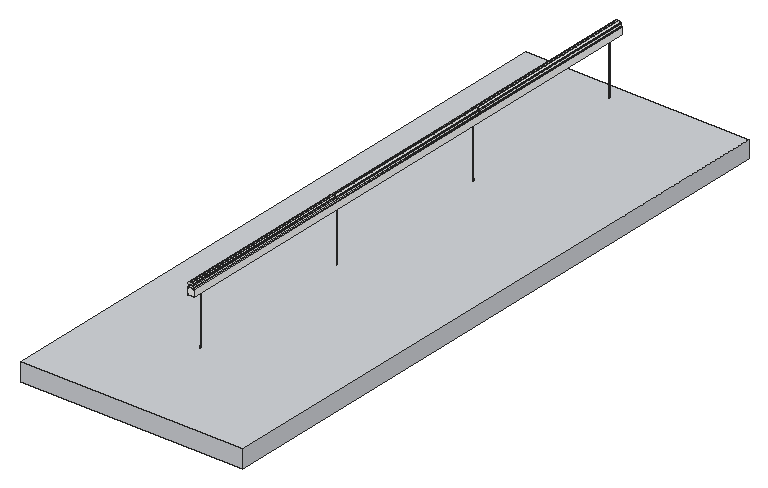
Revit family "Zumtobel TECTON BASIC LED", category Lighting Fixtures, host Face, Revit 2016
Family settings
  Host = Face
  Part Type = Normal
  Round Connector Dimension = Use Diameter
  OmniClass Number = 23.80.70.11
  OmniClass Title = Luminaries for Internal Lighting
  Cut with Voids When Loaded = No
  Light Source = No
  Shared = No
  Room Calculation Point = No
Parameters (values of type "TECTON B BASIC L1522 LED5200-840 LDE WH")
  Voltage = 230 V
  Track = Zumtobel_Metal_White
  Offset = 0 mm  # constant formula
  Type Comments = "© Zumtobel. We reserve the right to make technical changes without prior notice."  # constant formula
  Suspension Height [instance] = 500 mm
  URL = "http://www.zumtobel.com/42182821"
  Number of Suspensions [instance] = 4
  Number of Lighting Fixtures [instance] = 3
  Length Continuous Row [instance] = Number of Lighting Fixtures * Length + (Number of Lighting Fixtures - 1) * Distance between Fixtures + Fixture Start Offset + Fixture End Offset  # 4566 mm
  Fixture Type = Zumtobel TECTON BASIC LED (Lamp & Reflector) : L1522 47W LED Dimmable
  Fixture End Offset [instance] = 0 mm
  Length = 1522 mm
  Distance between Fixtures [instance] = 0 mm
  Model = ""
  Manufacturer = "Zumtobel Lighting"  # constant formula
  Lamp = ""  # constant formula
  Fixture Start Offset [instance] = 0 mm
  Description = "Continuous-row LED luminaire"  # constant formula
  Default Elevation = 0 mm
  Assembly Code = "D5020210"
  Apparent Load = 0 VA  # constant formula
Reference planes
  plane 1 "Top": z = 0
  plane 2 "Center (Left/Right)": x = 0
  plane 3 "Suspension Right": y = -900
  plane 4 "Left": y = -1000
  plane 5: z = 500
  plane 6: z = 440
  plane 7: y = -1000
  plane 8: y = 522
  plane 9: y = 522
  plane 10 "Right": y = 3566
  plane 11: y = 3466
  plane 12: z = 497.258
  plane 13: z = 494.252
  plane 14: z = 443.072
  plane 15: z = 446.078
Forms (mm)
  Extrusion 1, solid
    sketch origin (0, 0, 0) x (1, 0, 0) y (0, 1, 0)
      loop
        line (-819.2, 3600) -> (-819.2, -1800) -> (1080.8, -1800) -> (1080.8, 3600) -> (-819.2, 3600)
    from 0 to -150
  Extrusion 2, solid, material "Zumtobel_Metal_White" <- "Track"
    sketch origin (0, -900, 0) x (0, 0, -1) y (-1, 0, 0)
      loop
        line (-497.258, 27.125) -> (-494.252, 27.125) -> (-494.252, 21.81) -> (-500, 21.81) -> (-500, -21.81) -> (-494.252, -21.81) -> (-494.252, -27.125) -> (-497.258, -27.125) -> (-497.258, -30) -> (-443.072, -30) -> (-443.072, -27.125) -> (-446.078, -27.125) -> (-446.078, -21.81) -> (-440, -21.81) -> (-440, 21.81) -> (-446.078, 21.81) -> (-446.078, 27.125) -> (-443.072, 27.125) -> (-443.072, 30) -> (-497.258, 30) -> (-497.258, 27.125)
    from -100 to 4466
Dimensions and locks
  locked: plane 3 "Suspension Right" to connector elem
  locked: plane 3 "Suspension Right" to plane 4 "Left" at 100
  locked: plane 5 to plane 6 at 60
  "Suspension Height": plane 5 to plane 1 "Top"
  "Fixture Start Offset": plane 7 to plane 4 "Left"
  "Length": plane 8 to plane 7
  "Distance between Fixtures": plane 9 to plane 8
  "Length Continuous Row": plane 10 "Right" to plane 4 "Left"
  locked: plane 10 "Right" to plane 11 at 100
  plane 5 to plane 12 to plane 13 = 2.742 mm locked, 3.006 mm locked
  plane 6 to plane 14 to plane 15 = 3.072 mm locked, 3.006 mm locked
  equal spacing: group 1, group 3, group 4, group 2  (x3)
  equal spacing: group 5, group 6, group 7  (x3)
  aligned and locked: plane 1 "Top" to Extrusion 1
  aligned and locked: level to Extrusion 1
  aligned and locked: nested 1 to plane 2 "Center (Left/Right)"
  aligned and locked: plane 12 to Extrusion 2 sketch curve
  aligned and locked: Extrusion 2 sketch curve to plane 12
  aligned and locked: Extrusion 2 sketch curve to plane 13  (x2)
  aligned and locked: Extrusion 2 sketch curve to plane 15
  aligned and locked: plane 15 to Extrusion 2 sketch curve
  aligned and locked: plane 14 to Extrusion 2 sketch curve
  aligned and locked: Extrusion 2 sketch curve to plane 14
  aligned and locked: Extrusion 2 sketch curve to plane 5
  aligned and locked: Extrusion 2 sketch curve to plane 6
  aligned and locked: Extrusion 2 to plane 4 "Left"
  aligned and locked: plane 10 "Right" to Extrusion 2
  aligned and locked: plane 11 to nested 3
  aligned and locked: plane 3 "Suspension Right" to nested 2
  aligned and locked: nested 6 to plane 9
  aligned and locked: nested 1 to plane 7
Automatic sketch dimensions
  Extrusion 1 sketch curve to Extrusion 1 sketch curve = 1900 mm
  Extrusion 1 sketch curve to Extrusion 1 sketch curve = 5400 mm
  plane 2 "Center (Left/Right)" to Extrusion 2 sketch curve = 30 mm
  Extrusion 2 sketch curve to Extrusion 2 sketch curve = 2.875 mm  (x3)
  Extrusion 2 sketch curve to Extrusion 2 sketch curve = 5.315 mm  (x4)
  Extrusion 2 sketch curve to Extrusion 2 sketch curve = 43.62 mm  (x2)
Nested families
  nested 1: "Zumtobel TECTON BASIC LED (Lamp & Reflector)" at (-218.644, -164.076, 0) x (0, 1, 0) z (0, 0, -1), Suspension Height <- "Suspension Height", built-in parameter 1001364 <- "Offset", type <- "Fixture Type", type "L1522 47W LED Dimmable"
    with Suspension Height 500 mm
  nested 2: "Suspension" at (2.506, -900, 0) x (1, 0, 0) z (0, 0, -1), type "Suspension"
    with Suspension Height 500 mm
  nested 3: "Suspension" at (2.506, 3466, 0) x (1, 0, 0) z (0, 0, -1), type "Suspension"
    with Suspension Height 500 mm
  nested 4: "Suspension" at (2.506, 555.333, 0) x (1, 0, 0) z (0, 0, -1), type "Suspension"
    with Suspension Height 500 mm
  nested 5: "Suspension" at (2.506, 2010.667, 0) x (1, 0, 0) z (0, 0, -1), type "Suspension"
    with Suspension Height 500 mm
  nested 6: "Zumtobel TECTON BASIC LED (Lamp & Reflector)" at (-218.644, 1357.924, 0) x (0, 1, 0) z (0, 0, -1), Suspension Height <- "Suspension Height", built-in parameter 1001364 <- "Offset", type <- "Fixture Type", type "L1522 47W LED Dimmable"
    with Suspension Height 500 mm
  nested 7: "Zumtobel TECTON BASIC LED (Lamp & Reflector)" at (-218.644, 2879.924, 0) x (0, 1, 0) z (0, 0, -1), Suspension Height <- "Suspension Height", built-in parameter 1001364 <- "Offset", type <- "Fixture Type", type "L1522 47W LED Dimmable"
    with Suspension Height 500 mm
Connectors
  electrical at (0, -900, 0), driven by "Apparent Load", driven by "Voltage"
    settings: index 1, voltage 230 V, apparent load 0 VA, apparent load phase1 0 VA, apparent load phase2 0 VA, apparent load phase3 0 VA, power factor 1, load classification "Lighting", number of poles 1, system type 31, power factor state 1, is connector primary yes, connector utility no, sub classification motor no, connector description ""
Definition of nested family "Zumtobel TECTON BASIC LED (Lamp & Reflector)"
  Parameters (values of type "L1522 47W LED Dimmable")
    Width = 51 mm
    Wattage = 35.4109 W
    Voltage = 230  # constant formula
    URL = "http://www.zumtobel.com/42182821"
    built-in parameter 1150110 = 1 (stored number, unit not read)
    Type Comments = "© Zumtobel. We reserve the right to make technical changes without prior notice."  # constant formula
    Cover = none
    Body = none
    Apparent Load = 36 VA
    Model = "42182821"
    built-in parameter 1114217 = 1 (stored number, unit not read)
    Tilt Angle = 90.00°
    built-in parameter 1150109 = 1 (stored number, unit not read)
    built-in parameter 1150134 = 12
    Suspension Height [instance] = 500 mm
    built-in parameter 1150113 = 1 (stored number, unit not read)
    Length = 1522 mm
    Lamp = "LED"
    Wattage Comments = "230"
    Manufacturer = "Zumtobel Ligthing"  # constant formula
    Photometric Web File = "42182821_(STD_LEO).IES"
    built-in parameter 1150105 = 418.58 (stored number, unit not read)
    Lumens = 5260 lm
    built-in parameter 1150115 = 1 (stored number, unit not read)
    built-in parameter 1150137 = (empty or 0)
    built-in parameter 1150139 = (empty or 0)
    built-in parameter 1150112 = 1 (stored number, unit not read)
    built-in parameter 1150114 = 1 (stored number, unit not read)
    built-in parameter 1150132 = 2
    Description = "Single LED luminaire"  # constant formula
    Assembly Code = ""
    built-in parameter 1150102 = (empty or 0)
    built-in parameter 1150107 = 4000 (stored number, unit not read)
    built-in parameter 1150138 = (empty or 0)
    built-in parameter 1150106 = 4.1858 (stored number, unit not read)
    Emit from Line Length = 45 mm  # constant formula
    built-in parameter 1150104 = 13.8 (stored number, unit not read)
    Dimming Lamp Color Temperature Shift = (empty or 0)
    Color Filter = 16777215
    built-in parameter 1114218 = 1 (stored number, unit not read)
    built-in parameter 1150133 = 10 (stored number, unit not read)
  Reference planes
    plane 1 "Light Source Axis (F/B)": y = -218.644
    plane 2: z = 0
    plane 3 "Light Source Axis (L/R)": x = -74.924
    plane 4 "Light Source Elevation": z = -530
    plane 5 "Bottom": z = 0
    plane 6 "Left": x = -835.924
    plane 7 "Right": x = 686.076
    plane 8: z = -500
    plane 9 "Axis Lamp": z = -530
    plane 10 "Lamp Left": x = -832.924
    plane 11 "Lamp Right": x = 683.076
    plane 12: y = -178.665
    plane 13: y = -258.622
    plane 14: z = -546
  Forms (mm)
    Extrusion 1, solid, material <- "Cover"
      sketch origin (-74.924, 0, -8.526) x (0, 1, 0) y (0, 0, 1)
        loop
          arc (-195.661, -529.816) -> (-193.614, -519.235) -> (-203.013, -513.963) r 9.205
          line (-203.013, -513.963) -> (-234.275, -513.963)
          arc (-234.275, -513.963) -> (-243.673, -519.235) -> (-241.627, -529.816) r 9.205
          arc (-241.627, -529.816) -> (-234.774, -534.634) -> (-226.849, -537.346) r 29.68
          arc (-226.849, -537.346) -> (-221.909, -536.542) -> (-218.644, -532.751) r 7.311
          arc (-218.644, -532.751) -> (-215.378, -536.542) -> (-210.439, -537.346) r 7.311
          arc (-210.439, -537.346) -> (-202.513, -534.634) -> (-195.661, -529.816) r 29.68
        loop
          arc (-197.715, -527.63) -> (-196.368, -520.428) -> (-202.824, -516.963) r 6.205
          line (-202.824, -516.963) -> (-234.463, -516.963)
          arc (-234.463, -516.963) -> (-240.919, -520.428) -> (-239.572, -527.63) r 6.205
          arc (-239.572, -527.63) -> (-233.412, -531.961) -> (-226.288, -534.398) r 26.68
          arc (-226.288, -534.398) -> (-224.387, -534.333) -> (-222.7, -533.457) r 4.311
          line (-222.7, -533.457) -> (-218.607, -530) -> (-214.617, -533.432)
          arc (-214.617, -533.432) -> (-212.918, -534.328) -> (-210.999, -534.398) r 4.311
          arc (-210.999, -534.398) -> (-203.875, -531.961) -> (-197.715, -527.63) r 26.68
      from -758 to 758
    Extrusion 2, solid, material <- "Body"
      sketch origin (-74.924, 0, -8.526) x (0, 1, 0) y (0, 0, 1)
        loop
          line (-199.668, -499.062) -> (-196.834, -499.062) -> (-196.834, -495.965) -> (-200.06, -495.965) -> (-200.06, -492.955) -> (-194.176, -492.955) -> (-194.176, -485.726) -> (-196.834, -485.726) -> (-196.834, -491.474) -> (-240.454, -491.474) -> (-240.454, -485.726) -> (-243.111, -485.726) -> (-243.111, -492.955) -> (-237.227, -492.955) -> (-237.227, -495.965) -> (-240.454, -495.965) -> (-240.454, -499.062) -> (-237.619, -499.062) -> (-235.525, -513.963) -> (-201.763, -513.963) -> (-199.668, -499.062)
      from -761 to 761
    Extrusion 3, solid, material <- "Cover"
      sketch origin (686.076, 0, -8.526) x (0, 0, 1) y (0, -1, 0)
        loop
          arc (-529.816, 195.661) -> (-519.241, 193.619) -> (-513.983, 203.019) r 9.195
          line (-513.983, 203.019) -> (-513.983, 234.268)
          arc (-513.983, 234.268) -> (-519.241, 243.668) -> (-529.816, 241.627) r 9.195
          arc (-529.816, 241.627) -> (-534.634, 234.774) -> (-537.346, 226.849) r 29.68
          arc (-537.346, 226.849) -> (-536.542, 221.909) -> (-532.751, 218.644) r 7.311
          arc (-532.751, 218.644) -> (-536.542, 215.378) -> (-537.346, 210.439) r 7.311
          arc (-537.346, 210.439) -> (-534.634, 202.513) -> (-529.816, 195.661) r 29.68
      from 0 to -3
    Extrusion 4, solid, material <- "Cover"
      sketch origin (-835.924, 0, -8.526) x (0, 0, 1) y (0, -1, 0)
        loop
          arc (-529.816, 195.661) -> (-519.241, 193.619) -> (-513.983, 203.019) r 9.195
          line (-513.983, 203.019) -> (-513.983, 234.268)
          arc (-513.983, 234.268) -> (-519.241, 243.668) -> (-529.816, 241.627) r 9.195
          arc (-529.816, 241.627) -> (-534.634, 234.774) -> (-537.346, 226.849) r 29.68
          arc (-537.346, 226.849) -> (-536.542, 221.909) -> (-532.751, 218.644) r 7.311
          arc (-532.751, 218.644) -> (-536.542, 215.378) -> (-537.346, 210.439) r 7.311
          arc (-537.346, 210.439) -> (-534.634, 202.513) -> (-529.816, 195.661) r 29.68
      from 0 to 3
  Cuts and joins
    joined: Extrusion 1, Extrusion 3, Extrusion 4
  Dimensions and locks
    equal spacing: plane 7 "Right", plane 3 "Light Source Axis (L/R)", plane 6 "Left"
    "Length": plane 7 "Right" to plane 6 "Left"
    "Suspension Height": plane 5 "Bottom" to plane 8
    locked: plane 8 to plane 9 "Axis Lamp" at 30
    locked: plane 7 "Right" to plane 11 "Lamp Right" at 3
    locked: plane 10 "Lamp Left" to plane 6 "Left" at 3
    aligned: plane 3 "Light Source Axis (L/R)" to imposter light
    aligned: plane 1 "Light Source Axis (F/B)" to imposter light
    aligned and locked: plane 4 "Light Source Elevation" to imposter light
    aligned and locked: plane 5 "Bottom" to level
    aligned and locked: plane 9 "Axis Lamp" to plane 4 "Light Source Elevation"
    aligned: Extrusion 1 to plane 6 "Left"
    aligned: plane 7 "Right" to Extrusion 1
    aligned and locked: imposter light to plane 3 "Light Source Axis (L/R)"
    aligned and locked: imposter light to plane 1 "Light Source Axis (F/B)"
    aligned and locked: Extrusion 1 to plane 11 "Lamp Right"
    aligned and locked: Extrusion 1 to plane 10 "Lamp Left"
  Automatic sketch dimensions
    Extrusion 1 sketch curve to Extrusion 1 sketch curve = 0 mm  (x18)
    Extrusion 1 sketch curve to plane 1 "Light Source Axis (F/B)" = 0 mm
    plane 4 "Light Source Elevation" to Extrusion 1 sketch curve = 8.526 mm
    plane 1 "Light Source Axis (F/B)" to Extrusion 1 sketch curve = 2.656 mm
    plane 1 "Light Source Axis (F/B)" to Extrusion 1 sketch curve = 4.056 mm
    plane 4 "Light Source Elevation" to Extrusion 1 sketch curve = 8.689 mm  (x2)
    Extrusion 1 sketch curve to Extrusion 1 sketch curve = 2.782 mm
    Extrusion 1 sketch curve to Extrusion 1 sketch curve = 3.588 mm
    Extrusion 1 sketch curve to Extrusion 1 sketch curve = 0.561 mm  (x2)
    Extrusion 1 sketch curve to Extrusion 1 sketch curve = 12.975 mm  (x2)
    Extrusion 1 sketch curve to Extrusion 1 sketch curve = 0.188 mm  (x2)
    Extrusion 1 sketch curve to Extrusion 1 sketch curve = 0.859 mm  (x2)
    plane 4 "Light Source Elevation" to Extrusion 1 sketch curve = 6.155 mm  (x2)
    Extrusion 1 sketch curve to Extrusion 1 sketch curve = 4.25 mm
    Extrusion 1 sketch curve to plane 1 "Light Source Axis (F/B)" = 0.036 mm
    Extrusion 1 sketch curve to plane 1 "Light Source Axis (F/B)" = 2.656 mm
    Extrusion 1 sketch curve to plane 1 "Light Source Axis (F/B)" = 4.027 mm
    Extrusion 1 sketch curve to Extrusion 1 sketch curve = 2.811 mm
    Extrusion 1 sketch curve to Extrusion 1 sketch curve = 3.617 mm
    Extrusion 3 sketch curve to plane 1 "Light Source Axis (F/B)" = 0 mm
    plane 4 "Light Source Elevation" to Extrusion 3 sketch curve = 15.871 mm  (x2)
    Extrusion 3 sketch curve to Extrusion 3 sketch curve = 0 mm  (x5)
    plane 4 "Light Source Elevation" to Extrusion 3 sketch curve = 11.276 mm
    plane 4 "Light Source Elevation" to Extrusion 3 sketch curve = 8.689 mm  (x2)
    plane 4 "Light Source Elevation" to Extrusion 3 sketch curve = 8.341 mm  (x2)
    plane 4 "Light Source Elevation" to Extrusion 3 sketch curve = 1.641 mm  (x2)
    Extrusion 3 sketch curve to Extrusion 3 sketch curve = 9.133 mm
    Extrusion 3 sketch curve to plane 1 "Light Source Axis (F/B)" = 2.656 mm
    Extrusion 3 sketch curve to plane 8 = 16.714 mm
    plane 1 "Light Source Axis (F/B)" to Extrusion 3 sketch curve = 2.656 mm
    Extrusion 4 sketch curve to plane 1 "Light Source Axis (F/B)" = 0 mm
    plane 4 "Light Source Elevation" to Extrusion 4 sketch curve = 15.871 mm  (x2)
    Extrusion 4 sketch curve to Extrusion 4 sketch curve = 0 mm  (x5)
    plane 4 "Light Source Elevation" to Extrusion 4 sketch curve = 11.276 mm
    plane 4 "Light Source Elevation" to Extrusion 4 sketch curve = 8.689 mm  (x2)
    plane 4 "Light Source Elevation" to Extrusion 4 sketch curve = 8.341 mm  (x2)
    plane 4 "Light Source Elevation" to Extrusion 4 sketch curve = 1.641 mm  (x2)
    Extrusion 4 sketch curve to Extrusion 4 sketch curve = 9.133 mm
    Extrusion 4 sketch curve to plane 1 "Light Source Axis (F/B)" = 2.656 mm
    Extrusion 4 sketch curve to plane 8 = 16.714 mm
    plane 1 "Light Source Axis (F/B)" to Extrusion 4 sketch curve = 2.656 mm
    Extrusion 2 sketch curve to plane 8 = 0 mm
    plane 8 to Extrusion 2 sketch curve = 5.748 mm
    Extrusion 2 sketch curve to plane 13 = 15.511 mm
    Extrusion 2 sketch curve to Extrusion 2 sketch curve = 2.658 mm  (x3)
    Extrusion 2 sketch curve to Extrusion 2 sketch curve = 2.835 mm  (x2)
    Extrusion 2 sketch curve to Extrusion 2 sketch curve = 0.392 mm  (x2)
    Extrusion 2 sketch curve to plane 4 "Light Source Elevation" = 7.512 mm
    Extrusion 2 sketch curve to Extrusion 2 sketch curve = 2.094 mm
    Extrusion 2 sketch curve to plane 1 "Light Source Axis (F/B)" = 16.881 mm
    Extrusion 2 sketch curve to plane 8 = 4.491 mm
    Extrusion 2 sketch curve to Extrusion 2 sketch curve = 1.702 mm
    Extrusion 2 sketch curve to Extrusion 2 sketch curve = 3.227 mm
    Extrusion 2 sketch curve to plane 8 = 1.48 mm  (x2)
    Extrusion 2 sketch curve to Extrusion 2 sketch curve = 3.097 mm  (x2)
    Extrusion 2 sketch curve to plane 8 = 7.588 mm
    Extrusion 2 sketch curve to Extrusion 2 sketch curve = 5.748 mm
Definition of nested family "Suspension"
  Parameters
    Suspension Height = 400 mm
    Emit Shape Visible in Rendering = no
    Default Elevation = 1219.2 mm
    Assembly Code = ""
  Reference planes
    plane 1 "Light Source Axis (F/B)": y = 0
    plane 2 "Top": z = 0
    plane 3 "Light Source Axis (L/R)": x = -2.506
    plane 4 "Bottom": z = -400
    plane 5 "Top Fitting": z = -340
  Forms (mm)
    Sweep 1, solid
      path origin (-2.506, 0, 0) x (0, 0, 1) y (0, -1, 0)
        loop
          line (0, 0) -> (-340, 0)
      profile origin (-2.506, 0, -170) x (-1, 0, 0) y (0, -1, 0)
        loop
          circle (0, 0) r 1
    Extrusion 2, solid
      sketch origin (0, 0, -340) x (0, 1, 0) y (-1, 0, 0)
        loop
          circle (0, 2.506) r 2
      from 0 to 15
    Extrusion 3, solid
      sketch origin (-2400.746, 0, 0) x (1, 0, 0) y (0, 1, 0)
        loop
          circle (2398.24, 0) r 2.6
      from 0 to -13
  Cuts and joins
    joined: Sweep 1, Extrusion 2, Extrusion 3
  Dimensions and locks
    "Suspension Height": plane 2 "Top" to plane 4 "Bottom"
    locked: plane 4 "Bottom" to plane 5 "Top Fitting" at 60
    aligned and locked: level to plane 2 "Top"
    aligned and locked: plane 5 "Top Fitting" to Sweep 1 sketch curve
  Automatic sketch dimensions
    Sweep 1 sketch curve to plane 1 "Light Source Axis (F/B)" = 0 mm
    Sweep 1 sketch curve to level = 0 mm
    Sweep 1 sketch curve to profile plane = 0 mm  (x2)
    plane 1 "Light Source Axis (F/B)" to Extrusion 3 sketch curve = 0 mm
    plane 3 "Light Source Axis (L/R)" to Extrusion 3 sketch curve = 0 mm
    plane 1 "Light Source Axis (F/B)" to Extrusion 2 sketch curve = 0 mm
    Extrusion 2 sketch curve to plane 3 "Light Source Axis (L/R)" = 0 mm
    radius of Sweep 1 sketch curve = 1 mm
    radius of Extrusion 3 sketch curve = 2.6 mm
    radius of Extrusion 2 sketch curve = 2 mm
